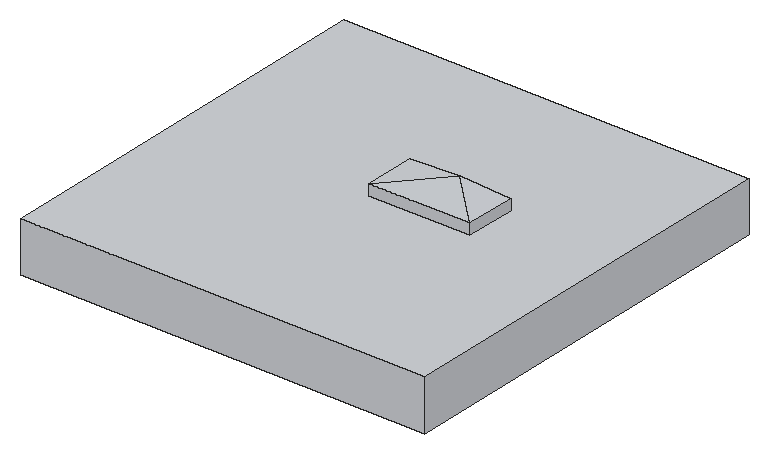
Revit family
Parameters
  Width = 1' - 0"
  WashHeight = 0' - 0 1/2"
  URL = "www.coldspringgranite.com"
  StoneMaterial = none
  SettingSpace = Height + AirGap  # 0' - 3 7/8"
  Product Name = "Coping Stone with Three Way Washed Surface - Alternate"
  Product Documentation Link = "http://www.coldspringgranite.com/BIM_Families/Family_Detail/Coping_Stone_with_Three_Way_Washed_Surface_-_Alternate/"
  PhoneNumber = "800-551-7502"
  Notes = ""
  Model = "N/A"
  Manufacturer = "Cold Spring Granite Company"
  Low Emitting Material = yes
  Low Emitting Finish = yes
  Location = "17482 Granite West Road, Cold Spring, MN  56320-4578"
  Length = 2' - 0"
  LEED Credit = ""
  Keynote = "044256"
  Height = 0' - 3 1/16"
  DripWidth = 0' - 0 1/4"
  DripVisibilityOff = not(DripOn)  # no
  DripToEdge = 0' - 0 1/2"
  DripOnProfile = if(DripOn, 0' 0", Height)  # 0' - 0"
  DripOn = yes
  DripDepth = 0' - 0 1/4"
  Description = "Stone Coping Three Way Wash - Point"
  Default Elevation = 0' - 0"
  CapOverhang = 0' - 2"
  Assembly Code = "B2010160"
  AirGap = 0' - 0 13/16"
Reference planes (in)
  plane 1 "Center (Front/Back)": y = 0
  plane 2: z = 0
  plane 3 "Center (Left/Right)": x = 0
  plane 4 "Left": x = -2
  plane 5 "Front": y = -2
  plane 6 "Right": x = 22
  plane 7 "Back": y = 10
  plane 8 "RidgeLine": x = 10
  plane 9 "LeftDripFront": x = -1.5
  plane 10 "LeftDripBack": x = -1.25
  plane 11 "RightDripBack": x = 21.25
  plane 12 "RightDripFront": x = 21.5
  plane 13 "FrontDripFront": y = -1.5
  plane 14 "FrontDripBack": y = -1.25
  plane 15 "StoneBottom": z = 0.8125
  plane 16 "WashBottom": z = 3.375
  plane 17 "StoneTop": z = 3.875
  plane 18 "DripTop": z = 1.0625
  plane 19 "DripBottom": z = 0.8125
Forms (in)
  Extrusion 1, solid
    sketch origin (0, 0, 0) x (1, 0, 0) y (0, 1, 0)
      loop
        line (-48, 48) -> (-48, -48) -> (48, -48) -> (48, 48) -> (-48, 48)
    from 0 to -12
  Extrusion 2, solid, material <- "StoneMaterial", detail levels medium+fine
    sketch origin (0, 0, 0) x (1, 0, 0) y (0, 0, 1)
      loop
        line (-2, 3.375) -> (-2, 0.8125) -> (22, 0.8125) -> (22, 3.375) -> (10, 3.875) -> (-2, 3.375)
    from -10 to 2
  Extrusion 3, void, detail levels medium+fine
    sketch origin (0, 0, 0) x (0, 1, 0) y (0, 0, 1)
      loop
        line (10, 3.875) -> (-2, 3.875) -> (-2, 3.375) -> (10, 3.875)
    from -2 to 22
  Extrusion 4, solid, material <- "StoneMaterial", detail levels coarse
    sketch origin (0, 0, 0) x (1, 0, 0) y (0, 0, 1)
      loop
        line (-2, 0.8125) -> (22, 0.8125) -> (22, 3.875) -> (-2, 3.875) -> (-2, 0.8125)
    from -10 to 2
  Extrusion 5, void, detail levels medium+fine
    sketch origin (0, 0, 0) x (1, 0, 0) y (0, 1, 0)
      loop
        line (-1.5, -1.5) -> (21.5, -1.5) -> (21.5, 10) -> (21.25, 10) -> (21.25, -1.25) -> (-1.25, -1.25) -> (-1.25, 10) -> (-1.5, 10) -> (-1.5, -1.5)
    from 0.8125 to 1.0625
Cuts and joins
  Extrusion 3, Extrusion 5 cuts Extrusion 2
Lines and regions (in)
  Masking region 1
    outline origin (0, 0, 3.375) x (-1, 0, 0) y (0, -1, 0)
      loop
        line (2, 2) -> (-22, 2) -> (-22, -10) -> (2, -10) -> (2, 2)
  Masking region 2, detail levels coarse
    outline origin (0, 0, 0) x (1, 0, 0) y (0, 0, 1)
      loop
        line (-2, 0.8125) -> (22, 0.8125) -> (22, 3.875) -> (-2, 3.875) -> (-2, 0.8125)
  Masking region 3, visible <- "DripVisibilityOff", detail levels medium
    outline origin (0, 0, 0) x (1, 0, 0) y (0, 0, 1)
      loop
        line (-2, 3.375) -> (-2, 0.8125) -> (22, 0.8125) -> (22, 3.375) -> (10, 3.875) -> (-2, 3.375)
  Masking region 4, visible <- "DripVisibilityOff", detail levels fine
    outline origin (0, 0, 0) x (1, 0, 0) y (0, 0, 1)
      loop
        line (-2, 3.375) -> (-2, 0.8125) -> (22, 0.8125) -> (22, 3.375) -> (10, 3.875) -> (-2, 3.375)
  Masking region 5, visible <- "DripOn", detail levels fine
    outline origin (0, 0, 0) x (1, 0, 0) y (0, 0, 1)
      loop
        line (-2, 3.375) -> (-2, 0.8125) -> (-1.5, 0.8125) -> (-1.5, 1.0625) -> (-1.25, 1.0625) -> (-1.25, 0.8125) -> (21.25, 0.8125) -> (21.25, 1.0625) -> (21.5, 1.0625) -> (21.5, 0.8125) -> (22, 0.8125) -> (22, 3.375) -> (10, 3.875) -> (-2, 3.375)
  Masking region 6, detail levels coarse
    outline origin (0, 0, 0) x (0, 1, 0) y (0, 0, 1)
      loop
        line (10, 0.8125) -> (10, 3.875) -> (-2, 3.875) -> (-2, 0.8125) -> (10, 0.8125)
  Masking region 7, detail levels medium
    outline origin (0, 0, 0) x (0, 1, 0) y (0, 0, 1)
      loop
        line (10, 3.875) -> (-2, 3.375) -> (-2, 0.8125) -> (10, 0.8125) -> (10, 3.875)
  Masking region 8, visible <- "DripVisibilityOff", detail levels fine
    outline origin (0, 0, 0) x (0, 1, 0) y (0, 0, 1)
      loop
        line (10, 3.875) -> (-2, 3.375) -> (-2, 0.8125) -> (10, 0.8125) -> (10, 3.875)
  Masking region 9, visible <- "DripOn", detail levels fine
    outline origin (0, 0, 0) x (0, 1, 0) y (0, 0, 1)
      loop
        line (10, 3.875) -> (-2, 3.375) -> (-2, 0.8125) -> (-1.5, 0.8125) -> (-1.5, 1.0625) -> (-1.25, 1.0625) -> (-1.25, 0.8125) -> (10, 0.8125) -> (10, 3.875)
  Masking region 10, visible <- "DripOn", detail levels medium
    outline origin (0, -2, 0) x (-1, 0, 0) y (0, 0, 1)
      loop
        line (2, 3.375) -> (-10, 3.875) -> (-22, 3.375) -> (-22, 0.8125) -> (2, 0.8125) -> (2, 3.375)
  Masking region 11, visible <- "DripOn", detail levels medium
    outline origin (0, 10, 0) x (-1, 0, 0) y (0, 0, 1)
      loop
        line (2, 3.375) -> (-10, 3.875) -> (-22, 3.375) -> (-22, 0.8125) -> (-21.5, 0.8125) -> (-21.5, 1.0625) -> (-21.25, 1.0625) -> (-21.25, 0.8125) -> (1.25, 0.8125) -> (1.25, 1.0625) -> (1.5, 1.0625) -> (1.5, 0.8125) -> (2, 0.8125) -> (2, 3.375)
  symbolic lines, detail levels medium+fine
    curve 1: line (-2, -2, 3.875) -> (10, 10, 3.875)
    curve 2: line (22, -2, 3.875) -> (10, 10, 3.875)
  symbolic lines, visible <- "DripOn", detail levels medium+fine
    curve 3: line (-1.5, 10, 0.8125) -> (-1.5, -1.5, 0.8125)
    curve 4: line (-1.5, -1.5, 0.8125) -> (21.5, -1.5, 0.8125)
    curve 5: line (21.5, 10, 0.8125) -> (21.5, -1.5, 0.8125)
    curve 6: line (-1.25, -1.25, 0.8125) -> (21.25, -1.25, 0.8125)
    curve 7: line (21.25, 10, 0.8125) -> (21.25, -1.25, 0.8125)
    curve 8: line (-1.25, 10, 0.8125) -> (-1.25, -1.25, 0.8125)
  symbolic lines, detail levels medium
    curve 9: line (-2, -2, 3.375) -> (22, -2, 3.375)
    curve 10: line (0, 10, 3.375) -> (0, -2, 3.375)
Dimensions and locks (in)
  "CapOverhang": plane 4 "Left" to plane 3 "Center (Left/Right)"
  "CapOverhang": plane 5 "Front" to plane 1 "Center (Front/Back)"
  "Width": plane 7 "Back" to plane 5 "Front"
  "Length": plane 4 "Left" to plane 6 "Right"
  equal spacing: plane 4 "Left", plane 8 "RidgeLine", plane 6 "Right"
  "DripToEdge": plane 4 "Left" to plane 9 "LeftDripFront"
  "DripWidth": plane 9 "LeftDripFront" to plane 10 "LeftDripBack"
  "DripToEdge": plane 12 "RightDripFront" to plane 6 "Right"
  "DripWidth": plane 11 "RightDripBack" to plane 12 "RightDripFront"
  "DripToEdge": plane 13 "FrontDripFront" to plane 5 "Front"
  "DripWidth": plane 14 "FrontDripBack" to plane 13 "FrontDripFront"
  "SettingSpace": plane 17 "StoneTop" to plane 2
  "Height": plane 17 "StoneTop" to plane 15 "StoneBottom"
  "WashHeight": plane 17 "StoneTop" to plane 16 "WashBottom"
  "DripOnProfile": plane 15 "StoneBottom" to plane 19 "DripBottom"
  "DripDepth": plane 18 "DripTop" to plane 19 "DripBottom"
  aligned and locked: plane 2 to Extrusion 1
  aligned and locked: level to Extrusion 1
  aligned and locked: plane 16 "WashBottom" to Extrusion 2 sketch curve  (x2)
  aligned and locked: plane 4 "Left" to Extrusion 2 sketch curve
  aligned and locked: plane 8 "RidgeLine" to Extrusion 2 sketch curve
  aligned and locked: plane 17 "StoneTop" to Extrusion 2 sketch curve
  aligned and locked: plane 6 "Right" to Extrusion 2 sketch curve
  aligned and locked: Extrusion 2 sketch curve to plane 4 "Left"
  aligned and locked: Extrusion 2 sketch curve to plane 15 "StoneBottom"
  aligned and locked: Extrusion 2 sketch curve to plane 6 "Right"
  aligned and locked: plane 7 "Back" to Extrusion 2
  aligned and locked: Extrusion 2 to plane 5 "Front"
  aligned and locked: plane 7 "Back" to Extrusion 3 sketch curve
  aligned and locked: plane 17 "StoneTop" to Extrusion 3 sketch curve
  aligned and locked: plane 16 "WashBottom" to Extrusion 3 sketch curve
  aligned and locked: plane 5 "Front" to Extrusion 3 sketch curve
  aligned and locked: plane 4 "Left" to cut or joined group of Extrusion 2, Extrusion 3, Extrusion 5
  aligned and locked: cut or joined group of Extrusion 2, Extrusion 3, Extrusion 5 to plane 6 "Right"
  aligned and locked: Extrusion 4 sketch curve to plane 15 "StoneBottom"
  aligned and locked: Extrusion 4 sketch curve to plane 17 "StoneTop"
  aligned and locked: Extrusion 4 sketch curve to plane 4 "Left"
  aligned and locked: Extrusion 4 sketch curve to plane 6 "Right"
  aligned and locked: plane 7 "Back" to Extrusion 4
  aligned and locked: Extrusion 4 to plane 5 "Front"
  aligned and locked: Extrusion 5 sketch curve to plane 13 "FrontDripFront"
  aligned and locked: Extrusion 5 sketch curve to plane 14 "FrontDripBack"
  aligned and locked: Extrusion 5 sketch curve to plane 10 "LeftDripBack"
  aligned and locked: Extrusion 5 sketch curve to plane 9 "LeftDripFront"
  aligned and locked: Extrusion 5 sketch curve to plane 11 "RightDripBack"
  aligned and locked: Extrusion 5 sketch curve to plane 12 "RightDripFront"
  aligned and locked: Extrusion 5 sketch curve to plane 7 "Back"  (x2)
  aligned and locked: Extrusion 5 to plane 19 "DripBottom"
  aligned and locked: plane 18 "DripTop" to Extrusion 5
  aligned and locked: Masking region 1 sketch curve to plane 4 "Left"
  aligned and locked: Masking region 1 sketch curve to plane 7 "Back"
  aligned and locked: Masking region 1 sketch curve to plane 6 "Right"
  aligned and locked: Masking region 1 sketch curve to plane 5 "Front"
  aligned and locked: Masking region 2 sketch curve to plane 15 "StoneBottom"
  aligned and locked: Masking region 2 sketch curve to plane 17 "StoneTop"
  aligned and locked: Masking region 2 sketch curve to plane 4 "Left"
  aligned and locked: Masking region 2 sketch curve to plane 6 "Right"
  aligned and locked: plane 4 "Left" to Masking region 3 sketch curve
  aligned and locked: plane 16 "WashBottom" to Masking region 3 sketch curve  (x2)
  aligned and locked: plane 8 "RidgeLine" to Masking region 3 sketch curve
  aligned and locked: plane 17 "StoneTop" to Masking region 3 sketch curve
  aligned and locked: plane 6 "Right" to Masking region 3 sketch curve
  aligned and locked: Masking region 3 sketch curve to plane 4 "Left"
  aligned and locked: Masking region 3 sketch curve to plane 15 "StoneBottom"
  aligned and locked: Masking region 3 sketch curve to plane 6 "Right"
  aligned and locked: plane 4 "Left" to Masking region 4 sketch curve
  aligned and locked: plane 16 "WashBottom" to Masking region 4 sketch curve  (x2)
  aligned and locked: plane 8 "RidgeLine" to Masking region 4 sketch curve
  aligned and locked: plane 17 "StoneTop" to Masking region 4 sketch curve
  aligned and locked: plane 6 "Right" to Masking region 4 sketch curve
  aligned and locked: Masking region 4 sketch curve to plane 4 "Left"
  aligned and locked: Masking region 4 sketch curve to plane 6 "Right"
  aligned and locked: Masking region 4 sketch curve to plane 15 "StoneBottom"
  aligned and locked: plane 17 "StoneTop" to Masking region 5 sketch curve
  aligned and locked: plane 8 "RidgeLine" to Masking region 5 sketch curve
  aligned and locked: plane 16 "WashBottom" to Masking region 5 sketch curve  (x2)
  aligned and locked: plane 4 "Left" to Masking region 5 sketch curve
  aligned and locked: plane 6 "Right" to Masking region 5 sketch curve
  aligned and locked: Masking region 5 sketch curve to plane 4 "Left"
  aligned and locked: Masking region 5 sketch curve to plane 9 "LeftDripFront"
  aligned and locked: Masking region 5 sketch curve to plane 10 "LeftDripBack"
  aligned and locked: Masking region 5 sketch curve to plane 11 "RightDripBack"
  aligned and locked: Masking region 5 sketch curve to plane 12 "RightDripFront"
  aligned and locked: Masking region 5 sketch curve to plane 6 "Right"
  aligned and locked: Masking region 5 sketch curve to plane 19 "DripBottom"  (x3)
  aligned and locked: Masking region 5 sketch curve to plane 18 "DripTop"  (x2)
  aligned and locked: plane 15 "StoneBottom" to Masking region 6 sketch curve
  aligned and locked: plane 7 "Back" to Masking region 6 sketch curve
  aligned and locked: plane 17 "StoneTop" to Masking region 6 sketch curve
  aligned and locked: plane 5 "Front" to Masking region 6 sketch curve
  aligned and locked: plane 7 "Back" to Masking region 7 sketch curve  (x2)
  aligned and locked: plane 17 "StoneTop" to Masking region 7 sketch curve
  aligned and locked: plane 5 "Front" to Masking region 7 sketch curve  (x2)
  aligned and locked: plane 16 "WashBottom" to Masking region 7 sketch curve
  aligned and locked: plane 15 "StoneBottom" to Masking region 7 sketch curve
  aligned and locked: plane 7 "Back" to curve 10
  aligned and locked: plane 5 "Front" to curve 10
  aligned and locked: curve 10 to plane 16 "WashBottom"
  aligned and locked: plane 7 "Back" to Masking region 8 sketch curve  (x2)
  aligned and locked: plane 17 "StoneTop" to Masking region 8 sketch curve
  aligned and locked: plane 5 "Front" to Masking region 8 sketch curve  (x2)
  aligned and locked: plane 16 "WashBottom" to Masking region 8 sketch curve
  aligned and locked: plane 15 "StoneBottom" to Masking region 8 sketch curve
  aligned and locked: plane 7 "Back" to Masking region 9 sketch curve  (x2)
  aligned and locked: plane 17 "StoneTop" to Masking region 9 sketch curve
  aligned and locked: plane 5 "Front" to Masking region 9 sketch curve  (x2)
  aligned and locked: plane 16 "WashBottom" to Masking region 9 sketch curve
  aligned and locked: plane 19 "DripBottom" to Masking region 9 sketch curve
  aligned and locked: plane 18 "DripTop" to Masking region 9 sketch curve
  aligned and locked: plane 13 "FrontDripFront" to Masking region 9 sketch curve
  aligned and locked: plane 14 "FrontDripBack" to Masking region 9 sketch curve
  aligned and locked: Masking region 9 sketch curve to plane 19 "DripBottom"
  aligned and locked: plane 4 "Left" to Masking region 10 sketch curve
  aligned and locked: plane 16 "WashBottom" to Masking region 10 sketch curve  (x2)
  aligned and locked: plane 6 "Right" to Masking region 10 sketch curve
  aligned and locked: plane 17 "StoneTop" to Masking region 10 sketch curve
  aligned and locked: plane 8 "RidgeLine" to Masking region 10 sketch curve
  aligned and locked: Masking region 10 sketch curve to plane 4 "Left"
  aligned and locked: Masking region 10 sketch curve to plane 15 "StoneBottom"
  aligned and locked: Masking region 10 sketch curve to plane 6 "Right"
  aligned and locked: plane 4 "Left" to Masking region 11 sketch curve
  aligned and locked: plane 16 "WashBottom" to Masking region 11 sketch curve  (x2)
  aligned and locked: plane 6 "Right" to Masking region 11 sketch curve
  aligned and locked: plane 17 "StoneTop" to Masking region 11 sketch curve
  aligned and locked: plane 8 "RidgeLine" to Masking region 11 sketch curve
  aligned and locked: Masking region 11 sketch curve to plane 4 "Left"
  aligned and locked: Masking region 11 sketch curve to plane 19 "DripBottom"  (x3)
  aligned and locked: Masking region 11 sketch curve to plane 18 "DripTop"  (x2)
  aligned and locked: Masking region 11 sketch curve to plane 9 "LeftDripFront"
  aligned and locked: Masking region 11 sketch curve to plane 10 "LeftDripBack"
  aligned and locked: Masking region 11 sketch curve to plane 11 "RightDripBack"
  aligned and locked: Masking region 11 sketch curve to plane 12 "RightDripFront"
  aligned and locked: Masking region 11 sketch curve to plane 6 "Right"
  aligned and locked: plane 4 "Left" to curve 9
  aligned and locked: plane 6 "Right" to curve 9
  aligned and locked: curve 9 to plane 16 "WashBottom"
  aligned and locked: plane 4 "Left" to curve 1
  aligned and locked: plane 5 "Front" to curve 1
  aligned and locked: plane 7 "Back" to curve 1
  aligned and locked: plane 8 "RidgeLine" to curve 2
  aligned and locked: plane 6 "Right" to curve 2
  aligned and locked: plane 5 "Front" to curve 2
  aligned and locked: plane 7 "Back" to curve 3
  aligned and locked: plane 7 "Back" to curve 8
  aligned and locked: plane 7 "Back" to curve 7
  aligned and locked: plane 7 "Back" to curve 5
  aligned and locked: plane 13 "FrontDripFront" to curve 5
  aligned and locked: plane 12 "RightDripFront" to curve 4
  aligned and locked: plane 9 "LeftDripFront" to curve 4
  aligned and locked: plane 10 "LeftDripBack" to curve 6
  aligned and locked: plane 11 "RightDripBack" to curve 6
  aligned and locked: curve 7 to plane 11 "RightDripBack"
  aligned and locked: curve 5 to plane 12 "RightDripFront"
  aligned and locked: curve 6 to plane 14 "FrontDripBack"
  aligned and locked: curve 4 to plane 13 "FrontDripFront"
  aligned and locked: curve 8 to plane 10 "LeftDripBack"
  aligned and locked: curve 3 to plane 9 "LeftDripFront"
Automatic sketch dimensions
  Extrusion 1 sketch curve to Extrusion 1 sketch curve = 8' - 0"  (x2)
Nested families (in)
  nested 1: "CopyRight" at (0, 0, 0), type "CopyRight"
Definition of nested family "CopyRight"
  Parameters (values of type "CopyRight")
    CopyRight = "Cold Spring Granite Company"
  Reference planes (in)
    plane 1: z = 0
